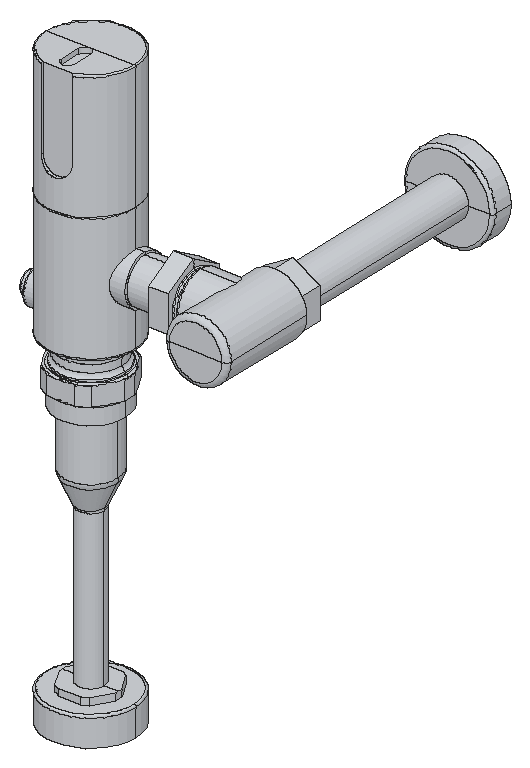
Revit family "Flushometer-Urinal_Touchless-KOHLER-MACH_WAVE-K-40UD00K20_1", category Plumbing Fixtures, host Face, Revit 2017 (continued)
Definition of nested family "K-40UD00K20"
  Automatic sketch dimensions
    Masking region 1 sketch curve to Masking region 1 sketch curve = 0.02005"
    Masking region 1 sketch curve to Masking region 1 sketch curve = 0.09499"
    Masking region 1 sketch curve to Masking region 1 sketch curve = 0.05143"
    Masking region 1 sketch curve to Masking region 1 sketch curve = 0.11441"
    Masking region 1 sketch curve to Masking region 1 sketch curve = 0.17374"
    plane 11 to Masking region 1 sketch curve = 0.61614"
    plane 11 to Masking region 1 sketch curve = 0.51168"
    Masking region 1 sketch curve to Masking region 1 sketch curve = 0.00555"
    Masking region 1 sketch curve to Masking region 1 sketch curve = 0.23387"
    curve 5 to curve 6 = 0"  (x2)
    curve 5 to curve 7 = 0"  (x2)
    curve 5 to curve 8 = 0"  (x2)
    curve 5 to curve 12 = 0"  (x2)
    curve 6 to curve 7 = 0"  (x2)
    curve 6 to curve 8 = 0"  (x2)
    curve 6 to curve 12 = 0"  (x2)
    curve 7 to curve 8 = 0"  (x2)
    curve 7 to curve 12 = 0"  (x2)
    curve 8 to curve 12 = 0"  (x2)
    curve 36 to plane 19 = 0"
    plane 23 to curve 35 = 0"
    plane 1 "Center (Front/Back)" to curve 34 = 0"
    curve 36 to plane 18 = 0"
    plane 1 "Center (Front/Back)" to curve 7 = 0"
    curve 7 to plane 9 = 0"
    curve 12 to plane 3 "Center (Left/Right)" = 0"
    curve 13 to plane 3 "Center (Left/Right)" = 0"
    curve 6 to plane 8 = 0"
    plane 1 "Center (Front/Back)" to curve 2 = 0"
    plane 19 to curve 29 = 0.58939"
    plane 7 to curve 31 = 0.16061"
    curve 27 to plane 7 = 0.16061"
    curve 32 to plane 7 = 0.4045"
    curve 33 to plane 1 "Center (Front/Back)" = 0.20585"
    curve 33 to plane 7 = 0.4045"
    curve 27 to curve 26 = 1/2"
    curve 33 to curve 34 = 0.26481"
    plane 11 to curve 11 = 0.11619"
    plane 3 "Center (Left/Right)" to curve 11 = 0.42988"
    plane 3 "Center (Left/Right)" to curve 15 = 0.18307"
    curve 14 to curve 9 = 0.24681"
    curve 4 to plane 8 = 0.09442"
    curve 3 to plane 8 = 0.09442"
    plane 20 to curve 2 = 0.03328"
    plane 10 to curve 30 = 0.32205"
    curve 27 to curve 30 = 0"
    plane 10 to curve 21 = 0.47726"
    curve 3 to plane 1 "Center (Front/Back)" = 0.18412"
    curve 5 to curve 13 = 0.20669"
    plane 11 to curve 23 = 0.47726"
    plane 11 to curve 16 = 0.45276"
    plane 13 to curve 79 = 0.14261"
    plane 19 to curve 79 = 0.37441"
    plane 7 to curve 35 = 0.56264"
    curve 29 to curve 25 = 0.09815"
    curve 25 to curve 26 = 0.09797"
    curve 35 to plane 7 = 0.56264"
    plane 18 to curve 32 = 0.37406"
    curve 26 to curve 33 = 0.21533"
    plane 18 to curve 79 = 0.37406"
    curve 20 to curve 19 = 0.10322"
    curve 23 to curve 18 = 0"
    curve 21 to curve 18 = 0"
    curve 17 to plane 9 = 0.25394"
    plane 9 to curve 7 = 0.20459"
    plane 9 to curve 8 = 0.20459"
    plane 8 to curve 6 = 0.10236"
    plane 8 to curve 5 = 0.10236"
    curve 2 to curve 3 = 0.18117"
    curve 36 to plane 23 = 0.08491"
    curve 29 to plane 10 = 0.3"
    curve 26 to plane 10 = 0.3"
    curve 28 to plane 10 = 0.3"
    curve 26 to curve 33 = 0.11563"
    curve 19 to curve 20 = 0.03442"
    curve 21 to curve 18 = 0.13888"
    curve 7 to curve 17 = 0.05143"
    curve 1 to curve 3 = 0.12677"
    curve 22 to plane 1 "Center (Front/Back)" = 0.05692"
    plane 1 "Center (Front/Back)" to curve 24 = 0.05692"
    curve 4 to curve 1 = 0.12677"
    curve 17 to curve 8 = 0.05143"
    curve 18 to curve 23 = 0.13888"
    curve 20 to curve 19 = 0.03442"
    plane 11 to curve 32 = 0.43768"
    curve 9 to curve 12 = 0.00543"
    curve 12 to curve 11 = 0.03452"
    curve 12 to curve 10 = 0.03452"
    Revolve 11 sketch curve to level = 0"
    Revolve 11 sketch curve to plane 3 "Center (Left/Right)" = 0"  (x2)
    plane 9 to Revolve 11 sketch curve = 0"  (x3)
    plane 3 "Center (Left/Right)" to Revolve 11 sketch curve = 3/8"
    Revolve 11 sketch curve to Revolve 11 sketch curve = 0.01565"
    plane 3 "Center (Left/Right)" to Revolve 11 sketch curve = 0.41839"
    Revolve 11 sketch curve to Revolve 11 sketch curve = 0.15135"
    Revolve 11 sketch curve to Revolve 11 sketch curve = 0.30762"
    plane 9 to Revolve 11 sketch curve = 63/128"
    plane 9 to Revolve 11 sketch curve = 0.38333"
    plane 9 to Revolve 11 sketch curve = 0.32591"
    plane 16 to Revolve 11 sketch curve = 1/128"
    Revolve 11 sketch curve to Revolve 11 sketch curve = 0.07563"
    Revolve 11 sketch curve to Revolve 11 sketch curve = 0.22644"
    Revolve 11 sketch curve to Revolve 11 sketch curve = 0.05918"
    Revolve 11 sketch curve to plane 17 = 0.00832"
    Revolve 11 sketch curve to Revolve 11 sketch curve = 0.02806"
    plane 17 to Revolve 11 sketch curve = 0.03176"
    Revolve 11 sketch curve to Revolve 11 sketch curve = 0.09501"
    plane 16 to Revolve 11 sketch curve = 0.02105"
    Revolve 11 sketch curve to Revolve 11 sketch curve = 0.07509"
    plane 9 to Revolve 11 sketch curve = 0.11631"
    Revolve 11 sketch curve to Revolve 11 sketch curve = 0.05712"
    plane 16 to Revolve 11 sketch curve = 0.04719"
    Revolve 11 sketch curve to Revolve 11 sketch curve = 0.0147"  (x2)
    Revolve 11 sketch curve to plane 17 = 0.05784"
    Revolve 11 sketch curve to Revolve 11 sketch curve = 11/256"
    plane 9 to Revolve 11 sketch curve = 0.06795"
    plane 9 to Revolve 11 sketch curve = 0.05891"
    plane 9 to Revolve 11 sketch curve = 0.03642"
    Revolve 11 sketch curve to Revolve 11 sketch curve = 0.03287"
    Revolve 11 sketch curve to Revolve 11 sketch curve = 0.03235"
    Revolve 11 sketch curve to Revolve 11 sketch curve = 0.02814"
    level to Revolve 11 sketch curve = 0.75359"
    Revolve 11 sketch curve to Revolve 11 sketch curve = 3/16"
    plane 17 to Revolve 11 sketch curve = 3.01711"
    Revolve 11 sketch curve to Revolve 11 sketch curve = 0.71919"
    plane 17 to Revolve 11 sketch curve = 0.47885"
    Revolve 11 sketch curve to plane 16 = 0.03563"
    Revolve 11 sketch curve to Revolve 11 sketch curve = 0.20814"
    plane 14 to Revolve 11 sketch curve = 0.44548"
    Revolve 11 sketch curve to plane 6 = 2 3/4"
    Revolve 11 sketch curve to Revolve 11 sketch curve = 2 3/4"
    Masking region 3 sketch curve to plane 13 = 0"
    Masking region 3 sketch curve to plane 11 = 0"  (x4)
    plane 16 to Masking region 3 sketch curve = 0"  (x2)
    plane 17 to Masking region 3 sketch curve = 0"  (x2)
    Masking region 3 sketch curve to plane 10 = 0"  (x4)
    Masking region 3 sketch curve to plane 23 = 0"
    Masking region 3 sketch curve to plane 14 = 0"
    Masking region 3 sketch curve to plane 13 = 0.60717"
    plane 13 to Masking region 3 sketch curve = 0.14718"  (x2)
    Masking region 3 sketch curve to Masking region 3 sketch curve = 0.02816"  (x2)
    plane 11 to Masking region 3 sketch curve = 0.0311"
    plane 11 to Masking region 3 sketch curve = 0.0361"
    plane 11 to Masking region 3 sketch curve = 0.05371"
    Masking region 3 sketch curve to Masking region 3 sketch curve = 0.05988"  (x2)
    Masking region 3 sketch curve to Masking region 3 sketch curve = 0.04483"
    plane 6 to Masking region 3 sketch curve = 0.0382"
    plane 11 to Masking region 3 sketch curve = 0.07624"
    plane 11 to Masking region 3 sketch curve = 0.20067"
    Masking region 3 sketch curve to Masking region 3 sketch curve = 0.01587"
    Masking region 3 sketch curve to Masking region 3 sketch curve = 0.04921"  (x2)
    Masking region 3 sketch curve to plane 16 = 0.03563"  (x2)
    Masking region 3 sketch curve to Masking region 3 sketch curve = 0.09116"
    Masking region 3 sketch curve to Masking region 3 sketch curve = 0.18237"
    Masking region 3 sketch curve to Masking region 3 sketch curve = 0.22644"
    Masking region 3 sketch curve to Masking region 3 sketch curve = 0.45743"
    Masking region 3 sketch curve to Masking region 3 sketch curve = 0.03497"
    plane 11 to Masking region 3 sketch curve = 0.62119"
    Masking region 3 sketch curve to Masking region 3 sketch curve = 0.23025"  (x2)
    Masking region 3 sketch curve to Masking region 3 sketch curve = 0.3732"
    Masking region 3 sketch curve to Masking region 3 sketch curve = 0.0238"  (x2)
    Masking region 3 sketch curve to plane 1 "Center (Front/Back)" = 0.37476"
    Masking region 3 sketch curve to plane 1 "Center (Front/Back)" = 0.38461"
    Masking region 3 sketch curve to Masking region 3 sketch curve = 0.33824"
    Masking region 3 sketch curve to Masking region 3 sketch curve = 0.35793"
    plane 10 to Masking region 3 sketch curve = 63/128"
    plane 10 to Masking region 3 sketch curve = 0.38304"
    Masking region 3 sketch curve to Masking region 3 sketch curve = 0.07534"
    plane 10 to Masking region 3 sketch curve = 0.26575"
    Masking region 3 sketch curve to Masking region 3 sketch curve = 0.10702"
    plane 10 to Masking region 3 sketch curve = 0.07299"
    plane 10 to Masking region 3 sketch curve = 0.05371"
    plane 6 to Masking region 3 sketch curve = 0.04025"
    Masking region 3 sketch curve to Masking region 3 sketch curve = 0.03503"
    Masking region 3 sketch curve to Masking region 3 sketch curve = 0.03194"
    Masking region 3 sketch curve to plane 14 = 0.0804"
    Masking region 3 sketch curve to plane 5 = 0.0179"
    level to Masking region 3 sketch curve = 0.75262"
    Masking region 3 sketch curve to Masking region 3 sketch curve = 0.75262"
    Masking region 3 sketch curve to Masking region 3 sketch curve = 3/16"  (x2)
    plane 17 to Masking region 3 sketch curve = 3.04236"
    Masking region 3 sketch curve to Masking region 3 sketch curve = 0"
    Masking region 3 sketch curve to Masking region 3 sketch curve = 0.69543"  (x2)
    plane 17 to Masking region 3 sketch curve = 0.47885"  (x2)
    Masking region 3 sketch curve to Masking region 3 sketch curve = 0.18862"  (x2)
    plane 22 to Masking region 3 sketch curve = 0.14583"
    Masking region 3 sketch curve to plane 22 = 0.1665"
    plane 4 "A" to Masking region 3 sketch curve = 0.56196"
    Masking region 3 sketch curve to plane 14 = 0.52288"
    Masking region 3 sketch curve to plane 14 = 0.37406"
    plane 14 to Masking region 3 sketch curve = 0.4426"
    Masking region 3 sketch curve to Masking region 3 sketch curve = 0.82671"
    Revolve 12 sketch curve to plane 8 = 0"  (x2)
    Revolve 12 sketch curve to level = 0"
    Revolve 12 sketch curve to plane 3 "Center (Left/Right)" = 0"  (x2)
    plane 8 to Revolve 12 sketch curve = 63/128"
    Revolve 12 sketch curve to plane 3 "Center (Left/Right)" = 3/8"
    Revolve 12 sketch curve to Revolve 12 sketch curve = 0.81496"
    plane 17 to Revolve 12 sketch curve = 2.95353"
    plane 17 to Revolve 12 sketch curve = 0.47885"
    Revolve 12 sketch curve to Revolve 12 sketch curve = 1 1/2"
    Revolve 12 sketch curve to Revolve 12 sketch curve = 1"
    Revolve 13 sketch curve to plane 7 = 0"
    Revolve 13 sketch curve to Revolve 13 sketch curve = 0.3133"
    plane 12 to Revolve 13 sketch curve = 0.84583"
    Revolve 13 sketch curve to Revolve 13 sketch curve = 1/2"
    Revolve 3 sketch curve to Revolve 3 sketch curve = 0.05745"
    Masking region 2 sketch curve to plane 20 = 0"
    Masking region 2 sketch curve to plane 22 = 0"
    Masking region 2 sketch curve to plane 8 = 0"  (x4)
    Masking region 2 sketch curve to plane 16 = 0"
    Masking region 2 sketch curve to plane 17 = 0"
    plane 9 to Masking region 2 sketch curve = 0"  (x4)
    Masking region 2 sketch curve to plane 4 "A" = 0"
    Masking region 2 sketch curve to plane 7 = 0"
    plane 20 to Masking region 2 sketch curve = 0.06015"
    Masking region 2 sketch curve to Masking region 2 sketch curve = 0.06015"
    Masking region 2 sketch curve to Masking region 2 sketch curve = 0.16426"  (x2)
    Masking region 2 sketch curve to Masking region 2 sketch curve = 0.02512"
    Masking region 2 sketch curve to Masking region 2 sketch curve = 0.0612"
    Masking region 2 sketch curve to plane 8 = 0.09402"
    Masking region 2 sketch curve to plane 22 = 0.03555"
    Masking region 2 sketch curve to Masking region 2 sketch curve = 0.05138"
    plane 8 to Masking region 2 sketch curve = 0.02746"
    plane 8 to Masking region 2 sketch curve = 0.03129"
    Masking region 2 sketch curve to Masking region 2 sketch curve = 0.00106"
    Masking region 2 sketch curve to Masking region 2 sketch curve = 0.03607"  (x2)
    plane 8 to Masking region 2 sketch curve = 0.05773"
    plane 8 to Masking region 2 sketch curve = 0.07626"
    plane 8 to Masking region 2 sketch curve = 0.16319"
    Masking region 2 sketch curve to Masking region 2 sketch curve = 0.04228"
    Masking region 2 sketch curve to Masking region 2 sketch curve = 0.00475"
    Masking region 2 sketch curve to Masking region 2 sketch curve = 0.06286"
    plane 8 to Masking region 2 sketch curve = 0.26575"
    Masking region 2 sketch curve to Masking region 2 sketch curve = 0.10223"  (x2)
    Masking region 2 sketch curve to Masking region 2 sketch curve = 0.07532"  (x2)
    Masking region 2 sketch curve to Masking region 2 sketch curve = 13/32"
    plane 8 to Masking region 2 sketch curve = 63/128"
    Masking region 2 sketch curve to Masking region 2 sketch curve = 0.02861"  (x2)
    Masking region 2 sketch curve to plane 3 "Center (Left/Right)" = 0.51608"
    Masking region 2 sketch curve to Masking region 2 sketch curve = 0.27675"  (x2)
    Masking region 2 sketch curve to Masking region 2 sketch curve = 0.12786"  (x2)
    Masking region 2 sketch curve to Masking region 2 sketch curve = 0.01322"  (x2)
    plane 3 "Center (Left/Right)" to Masking region 2 sketch curve = 3/8"
    plane 3 "Center (Left/Right)" to Masking region 2 sketch curve = 0.45245"
    Masking region 2 sketch curve to Masking region 2 sketch curve = 0.41103"
    plane 9 to Masking region 2 sketch curve = 0.38302"
    Masking region 2 sketch curve to plane 16 = 0.03563"  (x2)
    Masking region 2 sketch curve to Masking region 2 sketch curve = 0.22644"
    plane 17 to Masking region 2 sketch curve = 0.0397"
    Masking region 2 sketch curve to Masking region 2 sketch curve = 0.1728"
    plane 16 to Masking region 2 sketch curve = 0.04228"
    plane 9 to Masking region 2 sketch curve = 0.07626"
    Masking region 2 sketch curve to Masking region 2 sketch curve = 0.05773"
    Masking region 2 sketch curve to Masking region 2 sketch curve = 0.03235"
    Masking region 2 sketch curve to Masking region 2 sketch curve = 0.03129"
    Masking region 2 sketch curve to Masking region 2 sketch curve = 0.02746"
    Masking region 2 sketch curve to plane 9 = 0.25394"  (x2)
    Masking region 2 sketch curve to plane 22 = 0.09489"
    plane 22 to Masking region 2 sketch curve = 0.00986"
    plane 25 to Masking region 2 sketch curve = 0.03302"
    Masking region 2 sketch curve to Masking region 2 sketch curve = 0.03381"
    Masking region 2 sketch curve to Masking region 2 sketch curve = 0.0702"
    Masking region 2 sketch curve to Masking region 2 sketch curve = 0.0694"
    Masking region 2 sketch curve to Masking region 2 sketch curve = 0.05689"  (x2)
    plane 22 to Masking region 2 sketch curve = 0.02587"
    Masking region 2 sketch curve to plane 18 = 0.0569"
    Masking region 2 sketch curve to Masking region 2 sketch curve = 0.04087"
    plane 18 to Masking region 2 sketch curve = 0.29977"
    plane 22 to Masking region 2 sketch curve = 0.08367"
    level to Masking region 2 sketch curve = 0.75477"  (x2)
    Masking region 2 sketch curve to Masking region 2 sketch curve = 3/16"  (x2)
    Masking region 2 sketch curve to Masking region 2 sketch curve = 2.53431"
    Masking region 2 sketch curve to Masking region 2 sketch curve = 0"  (x2)
    Masking region 2 sketch curve to Masking region 2 sketch curve = 0.73124"  (x2)
    Masking region 2 sketch curve to Masking region 2 sketch curve = 0.43915"
    Masking region 2 sketch curve to Masking region 2 sketch curve = 0.21605"  (x2)
    Masking region 2 sketch curve to Masking region 2 sketch curve = 0.12445"
    Masking region 2 sketch curve to Masking region 2 sketch curve = 0.12282"
    Masking region 2 sketch curve to plane 5 = 0.18553"
    plane 22 to Masking region 2 sketch curve = 0.2083"
    Masking region 2 sketch curve to plane 22 = 0.04318"
    Masking region 2 sketch curve to Masking region 2 sketch curve = 0.07381"
    Masking region 2 sketch curve to Masking region 2 sketch curve = 0.0578"
    plane 14 to Masking region 2 sketch curve = 0.44707"  (x2)
    Masking region 2 sketch curve to Masking region 2 sketch curve = 0.03039"
    curve 68 to curve 75 = 0.55118"
    Masking region 1 sketch curve to plane 18 = 0.0523"  (x2)
    Masking region 1 sketch curve to Masking region 1 sketch curve = 0.06879"  (x2)
    Masking region 1 sketch curve to Masking region 1 sketch curve = 0.55118"  (x2)
    Masking region 2 sketch curve to plane 25 = 0"  (x2)
    Revolve 16 sketch curve to plane 3 "Center (Left/Right)" = 0"
    Revolve 16 sketch curve to plane 7 = 0"
    Revolve 16 sketch curve to plane 14 = 0.43786"
    Revolve 16 sketch curve to plane 14 = 0.24803"
    Revolve 16 sketch curve to Revolve 16 sketch curve = 1/2"
    Revolve 16 sketch curve to plane 8 = 1/4"
    plane 1 "Center (Front/Back)" to Extrusion 17 sketch curve = 0"
    Extrusion 17 sketch curve to plane 3 "Center (Left/Right)" = 0"
    radius of Extrusion 1 sketch curve = 1.31929"
    radius of Extrusion 2 sketch curve = 1.08041"
    radius of Extrusion 5 sketch curve = 1.18947"
    radius of Extrusion 6 sketch curve = 1.06894"
    radius of Extrusion 14 sketch curve = 0.49459"
    radius of Extrusion 15 sketch curve = 0.22469"
    radius of Extrusion 17 sketch curve = 0.0897"
